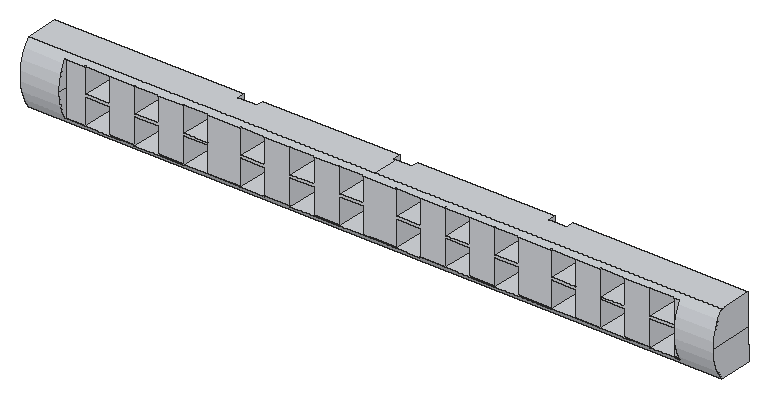
Revit family
Parameters
  Material ID = "760104273"
  Description = "360 Modu;ar 24 Port Patch Panel\r\n360 11 00GS3 24 Port Patch Panel\r\n360 1100GS3 24 PORT PATCH PANEL"
Reference planes (in)
  plane 1 "Center (Front/Back)": y = 0
  plane 2: z = 0
  plane 3 "Center (Left/Right)": x = 0
Forms (in)
  Extrusion 1, void, not visible
    sketch origin (0, 0, 0) x (1, 0, 0) y (0, 0, 1)
      loop
        line (-7.85662, 0.48089) -> (-7.85662, -0.39002) -> (-7.67285, -0.39002) -> (-7.67285, -0.64002) -> (-7.0736, -0.64002) -> (-7.0736, -0.39002) -> (-6.92978, -0.39002) -> (-6.92978, 0.48089) -> (-7.85662, 0.48089)
    from -3.79215 to 12
  Extrusion 2, void, not visible
    sketch origin (0, 0, 0) x (1, 0, 0) y (0, 0, 1)
      loop
        line (-8.21397, 0.42583) -> (-8.21397, -0.07417) -> (-8.08657, -0.07417) -> (-8.08657, -0.27417) -> (-7.83657, -0.27417) -> (-7.83657, -0.07417) -> (-7.72497, -0.07417) -> (-7.72497, 0.42583) -> (-8.21397, 0.42583)
    from 0.74059 to 3.34334
  Extrusion 3, void, not visible
    sketch origin (0, 0, 0) x (1, 0, 0) y (0, 0, 1)
      loop
        line (-8.19397, 0.28004) -> (-8.19397, -0.07417) -> (-8.06657, -0.07417) -> (-8.06657, -0.16337) -> (-7.91657, -0.16337) -> (-7.91657, -0.07417) -> (-7.80497, -0.07417) -> (-7.80497, 0.28004) -> (-8.19397, 0.28004)
    from 0.25637 to 5.60437
  Extrusion 4, solid
    sketch origin (0, 0, 0) x (1, 0, 0) y (0, 0, 1)
      loop
        line (0, 0.86) -> (-9.5, 0.86) -> (-9.5, 0) -> (-9.5, -0.86) -> (0, -0.86) -> (9.5, -0.86) -> (9.5, 0) -> (9.5, 0.86) -> (0, 0.86)
    from 0 to 1.24
  Extrusion 5, void
    sketch origin (0, 0, 0) x (1, 0, 0) y (0, 0, 1)
      loop
        line (-7.88684, 0.73608) -> (-7.88684, 0.03608) -> (-7.22684, 0.03608) -> (-7.22684, 0.73608) -> (-7.88684, 0.73608)
    from -3.31396 to 12
  Extrusion 6, void
    sketch origin (1.35, 0, 0) x (1, 0, 0) y (0, 0, 1)
      loop
        line (-7.88684, 0.73608) -> (-7.88684, 0.03608) -> (-7.22684, 0.03608) -> (-7.22684, 0.73608) -> (-7.88684, 0.73608)
    from -3.31396 to 12
  Extrusion 7, void
    sketch origin (2.7, 0, 0) x (1, 0, 0) y (0, 0, 1)
      loop
        line (-7.88684, 0.73608) -> (-7.88684, 0.03608) -> (-7.22684, 0.03608) -> (-7.22684, 0.73608) -> (-7.88684, 0.73608)
    from -3.31396 to 12
  Extrusion 8, void, not visible
    sketch origin (0, 0, 0) x (1, 0, 0) y (0, 0, 1)
      loop
        line (-7.88684, 0.73608) -> (-7.88684, 0.03608) -> (-7.22684, 0.03608) -> (-7.22684, 0.73608) -> (-7.88684, 0.73608)
    from -3.31396 to 12
  Extrusion 9, void
    sketch origin (0, 0, 0) x (0, 1, 0) y (0, 0, 1)
      loop
        line (-0.71148, 1.09057) -> (-1.78594, 1.09057) -> (-1.78594, -1.18369) -> (-0.59609, -1.18369)
        arc (-0.59609, -1.18369) -> (-1.19733, -0.07414) -> (-0.71148, 1.09057) r 1.46312
    from -10.79114 to 12
  Extrusion 10, void
    sketch origin (4.26, 0, 0) x (1, 0, 0) y (0, 0, 1)
      loop
        line (-7.88684, 0.73608) -> (-7.88684, 0.03608) -> (-7.22684, 0.03608) -> (-7.22684, 0.73608) -> (-7.88684, 0.73608)
    from -3.31396 to 12
  Extrusion 11, void
    sketch origin (5.61, 0, 0) x (1, 0, 0) y (0, 0, 1)
      loop
        line (-7.88684, 0.73608) -> (-7.88684, 0.03608) -> (-7.22684, 0.03608) -> (-7.22684, 0.73608) -> (-7.88684, 0.73608)
    from -3.31396 to 12
  Extrusion 12, void
    sketch origin (6.96, 0, 0) x (1, 0, 0) y (0, 0, 1)
      loop
        line (-7.88684, 0.73608) -> (-7.88684, 0.03608) -> (-7.22684, 0.03608) -> (-7.22684, 0.73608) -> (-7.88684, 0.73608)
    from -3.31396 to 12
  Extrusion 13, void
    sketch origin (8.52, 0, 0) x (1, 0, 0) y (0, 0, 1)
      loop
        line (-7.88684, 0.73608) -> (-7.88684, 0.03608) -> (-7.22684, 0.03608) -> (-7.22684, 0.73608) -> (-7.88684, 0.73608)
    from -3.31396 to 12
  Extrusion 14, void
    sketch origin (9.87, 0, 0) x (1, 0, 0) y (0, 0, 1)
      loop
        line (-7.88684, 0.73608) -> (-7.88684, 0.03608) -> (-7.22684, 0.03608) -> (-7.22684, 0.73608) -> (-7.88684, 0.73608)
    from -3.31396 to 12
  Extrusion 15, void
    sketch origin (11.22, 0, 0) x (1, 0, 0) y (0, 0, 1)
      loop
        line (-7.88684, 0.73608) -> (-7.88684, 0.03608) -> (-7.22684, 0.03608) -> (-7.22684, 0.73608) -> (-7.88684, 0.73608)
    from -3.31396 to 12
  Extrusion 16, void
    sketch origin (12.78, 0, 0) x (1, 0, 0) y (0, 0, 1)
      loop
        line (-7.88684, 0.73608) -> (-7.88684, 0.03608) -> (-7.22684, 0.03608) -> (-7.22684, 0.73608) -> (-7.88684, 0.73608)
    from -3.31396 to 12
  Extrusion 17, void
    sketch origin (14.13, 0, 0) x (1, 0, 0) y (0, 0, 1)
      loop
        line (-7.88684, 0.73608) -> (-7.88684, 0.03608) -> (-7.22684, 0.03608) -> (-7.22684, 0.73608) -> (-7.88684, 0.73608)
    from -3.31396 to 12
  Extrusion 18, void
    sketch origin (15.48, 0, 0) x (1, 0, 0) y (0, 0, 1)
      loop
        line (-7.88684, 0.73608) -> (-7.88684, 0.03608) -> (-7.22684, 0.03608) -> (-7.22684, 0.73608) -> (-7.88684, 0.73608)
    from -3.31396 to 12
  Extrusion 19, void, not visible
    sketch origin (0, 0, 0) x (1, 0, 0) y (0, 0, 1)
      loop
        line (-7.88684, 0.73608) -> (-7.88684, 0.03608) -> (-7.22684, 0.03608) -> (-7.22684, 0.73608) -> (-7.88684, 0.73608)
    from -3.31396 to 12
  Extrusion 20, void, not visible
    sketch origin (1.35, 0, 0) x (1, 0, 0) y (0, 0, 1)
      loop
        line (-7.88684, 0.73608) -> (-7.88684, 0.03608) -> (-7.22684, 0.03608) -> (-7.22684, 0.73608) -> (-7.88684, 0.73608)
    from -3.31396 to 12
  Extrusion 21, void, not visible
    sketch origin (2.7, 0, 0) x (1, 0, 0) y (0, 0, 1)
      loop
        line (-7.88684, 0.73608) -> (-7.88684, 0.03608) -> (-7.22684, 0.03608) -> (-7.22684, 0.73608) -> (-7.88684, 0.73608)
    from -3.31396 to 12
  Extrusion 22, void
    sketch origin (0, 0, -0.77) x (1, 0, 0) y (0, 0, 1)
      loop
        line (-7.88684, 0.73608) -> (-7.88684, 0.03608) -> (-7.22684, 0.03608) -> (-7.22684, 0.73608) -> (-7.88684, 0.73608)
    from -3.31396 to 12
  Extrusion 23, void
    sketch origin (1.35, 0, -0.77) x (1, 0, 0) y (0, 0, 1)
      loop
        line (-7.88684, 0.73608) -> (-7.88684, 0.03608) -> (-7.22684, 0.03608) -> (-7.22684, 0.73608) -> (-7.88684, 0.73608)
    from -3.31396 to 12
  Extrusion 24, void
    sketch origin (2.7, 0, -0.77) x (1, 0, 0) y (0, 0, 1)
      loop
        line (-7.88684, 0.73608) -> (-7.88684, 0.03608) -> (-7.22684, 0.03608) -> (-7.22684, 0.73608) -> (-7.88684, 0.73608)
    from -3.31396 to 12
  Extrusion 25, void
    sketch origin (4.26, 0, -0.77) x (1, 0, 0) y (0, 0, 1)
      loop
        line (-7.88684, 0.73608) -> (-7.88684, 0.03608) -> (-7.22684, 0.03608) -> (-7.22684, 0.73608) -> (-7.88684, 0.73608)
    from -3.31396 to 12
  Extrusion 26, void
    sketch origin (5.61, 0, -0.77) x (1, 0, 0) y (0, 0, 1)
      loop
        line (-7.88684, 0.73608) -> (-7.88684, 0.03608) -> (-7.22684, 0.03608) -> (-7.22684, 0.73608) -> (-7.88684, 0.73608)
    from -3.31396 to 12
  Extrusion 27, void
    sketch origin (6.96, 0, -0.77) x (1, 0, 0) y (0, 0, 1)
      loop
        line (-7.88684, 0.73608) -> (-7.88684, 0.03608) -> (-7.22684, 0.03608) -> (-7.22684, 0.73608) -> (-7.88684, 0.73608)
    from -3.31396 to 12
  Extrusion 28, void
    sketch origin (8.52, 0, -0.77) x (1, 0, 0) y (0, 0, 1)
      loop
        line (-7.88684, 0.73608) -> (-7.88684, 0.03608) -> (-7.22684, 0.03608) -> (-7.22684, 0.73608) -> (-7.88684, 0.73608)
    from -3.31396 to 12
  Extrusion 29, void
    sketch origin (9.87, 0, -0.77) x (1, 0, 0) y (0, 0, 1)
      loop
        line (-7.88684, 0.73608) -> (-7.88684, 0.03608) -> (-7.22684, 0.03608) -> (-7.22684, 0.73608) -> (-7.88684, 0.73608)
    from -3.31396 to 12
  Extrusion 30, void
    sketch origin (11.22, 0, -0.77) x (1, 0, 0) y (0, 0, 1)
      loop
        line (-7.88684, 0.73608) -> (-7.88684, 0.03608) -> (-7.22684, 0.03608) -> (-7.22684, 0.73608) -> (-7.88684, 0.73608)
    from -3.31396 to 12
  Extrusion 31, void
    sketch origin (12.78, 0, -0.77) x (1, 0, 0) y (0, 0, 1)
      loop
        line (-7.88684, 0.73608) -> (-7.88684, 0.03608) -> (-7.22684, 0.03608) -> (-7.22684, 0.73608) -> (-7.88684, 0.73608)
    from -3.31396 to 12
  Extrusion 32, void
    sketch origin (14.13, 0, -0.77) x (1, 0, 0) y (0, 0, 1)
      loop
        line (-7.88684, 0.73608) -> (-7.88684, 0.03608) -> (-7.22684, 0.03608) -> (-7.22684, 0.73608) -> (-7.88684, 0.73608)
    from -3.31396 to 12
  Extrusion 33, void
    sketch origin (15.48, 0, -0.77) x (1, 0, 0) y (0, 0, 1)
      loop
        line (-7.88684, 0.73608) -> (-7.88684, 0.03608) -> (-7.22684, 0.03608) -> (-7.22684, 0.73608) -> (-7.88684, 0.73608)
    from -3.31396 to 12
  Extrusion 34, void
    sketch origin (0, 0, 0) x (1, 0, 0) y (0, 0, 1)
      loop
        line (0, 0.7271) -> (-8.44, 0.7271) -> (-8.44, 0) -> (-8.44, -0.7271) -> (0, -0.7271) -> (8.44, -0.7271) -> (8.44, 0) -> (8.44, 0.7271) -> (0, 0.7271)
    from 0.9759 to 12
  Extrusion 35, void
    sketch origin (0, 0, 0) x (1, 0, 0) y (0, 0, 1)
      loop
        line (-9.09318, 0.27407) -> (-8.89155, 0.27407)
        arc (-8.89155, 0.27407) -> (-8.77818, 0.38744) -> (-8.89155, 0.5008) r 0.11337
        line (-8.89155, 0.5008) -> (-9.09318, 0.5008)
        arc (-9.09318, 0.5008) -> (-9.20655, 0.38744) -> (-9.09318, 0.27407) r 0.11337
    from 0 to 0.45451
  Extrusion 36, void
    sketch origin (0, 0, 0) x (1, 0, 0) y (0, 0, 1)
      loop
        arc (-9.09318, -0.27407) -> (-9.20655, -0.38744) -> (-9.09318, -0.5008) r 0.11337
        line (-9.09318, -0.5008) -> (-8.89155, -0.5008)
        arc (-8.89155, -0.5008) -> (-8.77818, -0.38744) -> (-8.89155, -0.27407) r 0.11337
        line (-8.89155, -0.27407) -> (-9.09318, -0.27407)
    from 0 to 0.45451
  Extrusion 37, void
    sketch origin (0, 0, 0) x (-1, 0, 0) y (0, 0, -1)
      loop
        arc (-9.09318, -0.27407) -> (-9.20655, -0.38744) -> (-9.09318, -0.5008) r 0.11337
        line (-9.09318, -0.5008) -> (-8.89155, -0.5008)
        arc (-8.89155, -0.5008) -> (-8.77818, -0.38744) -> (-8.89155, -0.27407) r 0.11337
        line (-8.89155, -0.27407) -> (-9.09318, -0.27407)
    from 0 to 0.45451
  Extrusion 38, void
    sketch origin (0, 0, 0) x (-1, 0, 0) y (0, 0, -1)
      loop
        line (-9.09318, 0.27407) -> (-8.89155, 0.27407)
        arc (-8.89155, 0.27407) -> (-8.77818, 0.38744) -> (-8.89155, 0.5008) r 0.11337
        line (-8.89155, 0.5008) -> (-9.09318, 0.5008)
        arc (-9.09318, 0.5008) -> (-9.20655, 0.38744) -> (-9.09318, 0.27407) r 0.11337
    from 0 to 0.45451
  Extrusion 39, void
    sketch origin (0, 0, 0) x (1, 0, 0) y (0, 0, 1)
      loop
        line (-4.32309, 1.06565) -> (-4.32309, -1.05777) -> (-3.82309, -1.05777) -> (-3.82309, 1.06565) -> (-4.32309, 1.06565)
      loop
        line (-0.06309, 1.06565) -> (-0.06309, -1.05777) -> (0.43691, -1.05777) -> (0.43691, 1.06565) -> (-0.06309, 1.06565)
      loop
        line (4.18691, 1.06565) -> (4.18691, -1.05777) -> (4.68691, -1.05777) -> (4.68691, 1.06565) -> (4.18691, 1.06565)
    from 0 to 0.2
Cuts and joins
  Extrusion 5, Extrusion 6, Extrusion 7, Extrusion 9, Extrusion 10, Extrusion 11, Extrusion 12, Extrusion 13, Extrusion 14, Extrusion 15, Extrusion 16, Extrusion 17, Extrusion 18, Extrusion 22, Extrusion 23, Extrusion 24, Extrusion 25, Extrusion 26, Extrusion 27, Extrusion 28, Extrusion 29, Extrusion 30, Extrusion 31, Extrusion 32, Extrusion 33, Extrusion 34, Extrusion 35, Extrusion 36, Extrusion 37, Extrusion 38, Extrusion 39 cuts Extrusion 4
Dimensions and locks (in)
  equal spacing: group 8, group 12, group 16, group 20  (x3)
  equal spacing: group 29, group 33, group 37, group 41  (x3)
  group 21 to group 42 = 0"  (x2)
  group 42 to group 21 = 0.77"
  aligned: level to Extrusion 4 sketch curve
  aligned and locked: plane 3 "Center (Left/Right)" to Extrusion 4 sketch curve
  aligned: plane 3 "Center (Left/Right)" to Extrusion 34 sketch curve
